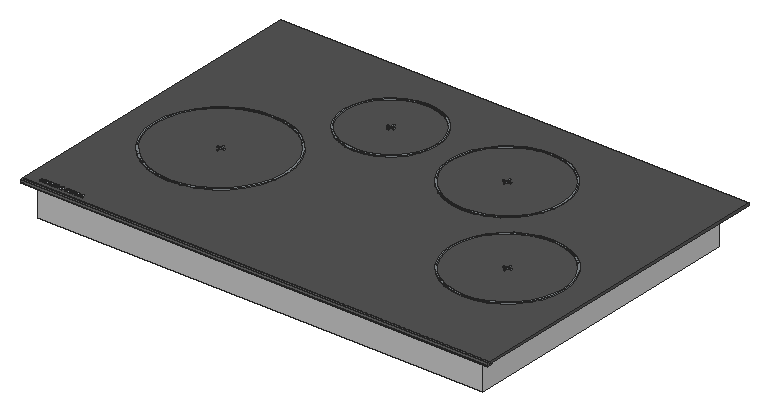
Revit family "FP_Revit_18_CI764DTB4_Cooktop_90000852A", category Specialty Equipment, Revit 2018
Family settings
  Round Connector Dimension = Use Diameter
  Part Type = Normal
  OmniClass Number = 23.40.40.14.17.11
  OmniClass Title = Cookers, Ovens, Stoves
  Work Plane-Based = No
  Always vertical = Yes
  Cut with Voids When Loaded = Yes
  Shared = No
  Room Calculation Point = No
Parameters
  Visibility - Clearance Required = yes
  URL = "www.fisherpaykel.com"
  Product - Width = 759 mm  # constant formula
  Product - Height = 54 mm  # constant formula
  Product - Depth = 530 mm  # constant formula
  Model = "CI764DTB4"
  Material - Trim = Fisher & Paykel - Aluminium, Dark
  Material - Graphics = Fisher & Paykel - Graphics Grey
  Material - Cooktop = Fisher & Paykel - Glass, Black
  Material - Body = Fisher & Paykel - Grey
  Manufacturer = "Fisher & Paykel Appliances"
  FFL Offset [instance] = 900 mm
  Description = "76cm Induction Cooktop"
  Connector Note - Electrical = "220-240 V, 32 A, 50 Hz,"
  Clearance - Side Combustible = 30 mm  # constant formula
  Clearance - Rear Combustible = 30 mm  # constant formula
  Clearance - Overhead Rangehood = 650 mm  # constant formula
  Clearance - Below = 65 mm  # constant formula
  Chassis - Width = 722 mm  # constant formula
  Chassis - Height = 49 mm  # constant formula
  Chassis - Depth = 480 mm  # constant formula
  Cavity - Width = 725 mm  # constant formula
  Cavity - Height = 65 mm  # constant formula
  Cavity - Depth = 490 mm  # constant formula
Reference planes
  plane 1 "Datum": y = 0
  plane 2: z = 0
  plane 3 "Center (Left/Right)": x = 0
  plane 4 "Product LHS": x = -379.5
  plane 5 "Product RHS": x = 379.5
  plane 6 "Product - Depth": y = 530
  plane 7 "Cavity LHS": x = -362.5
  plane 8 "Cavity RHS": x = 362.5
  plane 9 "Cavity - Depth": y = 497.2
  plane 10 "Chassis Front": y = 13.2
  plane 11 "Chassis - Depth": y = 493.2
  plane 12 "Cavity - Front": y = 7.2
  plane 13 "Basepan": z = 851
  plane 14 "Benchtop": z = 900
  plane 15 "Glass": z = 905
Forms (mm)
  Extrusion 1, solid, material "Fisher & Paykel - Glass, Black" <- "Material - Cooktop"
    sketch origin (0, 0, 0) x (0, 1, 0) y (0, 0, 1)
      loop
        line (5.299, 905) -> (5.299, 901) -> (530, 901) -> (530, 905) -> (5.299, 905)
    from -379.5 to 379.5
  Extrusion 2, solid, material "Fisher & Paykel - Aluminium, Dark" <- "Material - Trim", detail levels fine
    sketch origin (0, 0, 0) x (0, 1, 0) y (0, 0, 1)
      loop
        line (5.299, 905) -> (0.539, 905) -> (0, 900.803) -> (0, 900) -> (8.39, 900) -> (8.39, 901) -> (5.299, 901) -> (5.299, 905)
    from -379.5 to 379.5
  Extrusion 3, solid, material "Fisher & Paykel - Clearance Required (Cutout)", visible <- "Visibility - Clearance Required", detail levels coarse
    sketch origin (0, 24.768, 0) x (1, 0, 0) y (0, 1, 0)
      loop
        line (-362.5, 472.432) -> (-362.5, -17.568) -> (362.5, -17.568) -> (362.5, 472.432) -> (-362.5, 472.432)
    from 835 to 900
  Extrusion 4, solid, material "Fisher & Paykel - Aluminium, Dark" <- "Material - Trim", detail levels coarse+medium
    sketch origin (0, 0, 0) x (0, 1, 0) y (0, 0, 1)
      loop
        line (5.299, 905) -> (0, 905) -> (0, 900) -> (5.299, 900) -> (5.299, 905)
    from -379.5 to 379.5
  Extrusion 5, solid, material "Fisher & Paykel - Clearance Required (Rangehood)", visible <- "Visibility - Clearance Required", detail levels coarse
    sketch origin (0, 0, 0) x (1, 0, 0) y (0, 1, 0)
      loop
        line (-392.5, 0) -> (392.5, 0) -> (392.5, 527.2) -> (-392.5, 527.2) -> (-392.5, 0)
    from 905 to 1555
  Extrusion 6, solid, material "Fisher & Paykel - Grey" <- "Material - Body"
    sketch origin (0, 0, 0) x (0, 1, 0) y (0, 0, 1)
      loop
        line (493.2, 851) -> (493.2, 900) -> (13.2, 900) -> (13.2, 851) -> (493.2, 851)
    from -361 to 361
  Extrusion 7, solid, material "Fisher & Paykel - Grey" <- "Material - Body"
    sketch origin (-151, 0, 0) x (1, 0, 0) y (0, 1, 0)
      loop
        line (-214.5, 520.2) -> (-214.5, 8.39) -> (516.5, 8.39) -> (516.5, 520.2) -> (-214.5, 520.2)
    from 900 to 901
  Extrusion 8, solid, material "Fisher & Paykel - Graphics Grey" <- "Material - Graphics", detail levels fine
    sketch origin (0, 0, 0) x (1, 0, 0) y (0, 1, 0)
      loop
        circle (106.166, 381.579) r 92
      loop
        circle (106.166, 381.579) r 89.798
      loop
        circle (246.329, 207.24) r 89.797
      loop
        circle (246.329, 207.24) r 92
      loop
        circle (-231.998, 222.219) r 107
      loop
        circle (-231.998, 222.219) r 104.798
      loop
        circle (-96.947, 399.202) r 75.5
      loop
        circle (-96.947, 399.202) r 73.299
      loop
        line (-95.963, 405.445) -> (-97.931, 405.445) -> (-97.931, 400.279) -> (-103.097, 400.279) -> (-103.097, 398.311) -> (-97.931, 398.311) -> (-97.931, 393.145) -> (-95.963, 393.145) -> (-95.963, 398.311) -> (-90.797, 398.311) -> (-90.797, 400.279) -> (-95.963, 400.279) -> (-95.963, 405.445)
      loop
        line (-230.862, 228.46) -> (-232.83, 228.46) -> (-232.83, 223.293) -> (-237.996, 223.293) -> (-237.996, 221.326) -> (-232.83, 221.326) -> (-232.83, 216.16) -> (-230.862, 216.16) -> (-230.862, 221.326) -> (-225.696, 221.326) -> (-225.696, 223.293) -> (-230.862, 223.293) -> (-230.862, 228.46)
      loop
        line (247.308, 213.28) -> (245.34, 213.28) -> (245.34, 208.114) -> (240.174, 208.114) -> (240.174, 206.146) -> (245.34, 206.146) -> (245.34, 200.98) -> (247.308, 200.98) -> (247.308, 206.146) -> (252.474, 206.146) -> (252.474, 208.114) -> (247.308, 208.114) -> (247.308, 213.28)
      loop
        line (107.238, 387.85) -> (105.27, 387.85) -> (105.27, 382.684) -> (100.104, 382.684) -> (100.104, 380.716) -> (105.27, 380.716) -> (105.27, 375.55) -> (107.238, 375.55) -> (107.238, 380.716) -> (112.404, 380.716) -> (112.404, 382.684) -> (107.238, 382.684) -> (107.238, 387.85)
    from 905 to 906
  Extrusion 9, solid, material "Fisher & Paykel - Grey" <- "Material - Body", detail levels fine
    sketch origin (0, 0, 0) x (1, 0, 0) y (0, 1, 0)
      loop
        circle (0, 473.2) r 5
    from 845 to 851
  Extrusion 10, void
    sketch origin (0, 24.768, 0) x (1, 0, 0) y (0, 1, 0)
      loop
        line (-362.5, 472.432) -> (-362.5, -17.568) -> (362.5, -17.568) -> (362.5, 472.432) -> (-362.5, 472.432)
    from 835 to 900
Text (mm)
  text "Due to ongoing product development, product details are subject to change without notice. \nPlease always refer to www.fisherpaykel.com for the most current product information. \n© Fisher & Paykel 2020" at (41.04, -102.478, 0), in view "Ref. Level (Plan)"
Dimensions and locks
  equal spacing: plane 4 "Product LHS", plane 3 "Center (Left/Right)", plane 5 "Product RHS"
  "Product - Width": plane 4 "Product LHS" to plane 5 "Product RHS"
  equal spacing: plane 7 "Cavity LHS", plane 3 "Center (Left/Right)", plane 8 "Cavity RHS"
  "Cavity - Width": plane 7 "Cavity LHS" to plane 8 "Cavity RHS"
  "Product - Depth": Extrusion 1 to plane 1 "Datum"
  equal spacing: Extrusion 6, plane 3 "Center (Left/Right)", Extrusion 6
  "Chassis - Width": Extrusion 6 to Extrusion 6
  equal spacing: Extrusion 7, plane 3 "Center (Left/Right)", Extrusion 7
  locked: plane 1 "Datum" to plane 10 "Chassis Front" at 13.2
  plane 10 "Chassis Front" to plane 12 "Cavity - Front" = 6 mm
  "Cavity - Depth": plane 9 "Cavity - Depth" to plane 12 "Cavity - Front"
  "Chassis - Depth": plane 11 "Chassis - Depth" to plane 10 "Chassis Front"
  locked: plane 15 "Glass" to plane 14 "Benchtop" at 5
  "Chassis - Height": plane 14 "Benchtop" to plane 13 "Basepan"
  "FFL Offset": plane 14 "Benchtop" to level
  "Clearance - Overhead Rangehood": Extrusion 5 to plane 15 "Glass"
  "Clearance - Below": Extrusion 3 to plane 14 "Benchtop"
  locked: plane 15 "Glass" to Extrusion 7 at 4
  locked: Extrusion 8 to plane 15 "Glass" at 1
  locked: Extrusion 9 to plane 14 "Benchtop" at 55
  locked: nested 1 to plane 15 "Glass" at 0.8
  "Clearance - Rear Combustible": Extrusion 5 to plane 9 "Cavity - Depth"
  "Clearance - Side Combustible": plane 8 "Cavity RHS" to Extrusion 5
  "Clearance - Side Combustible": Extrusion 5 to plane 7 "Cavity LHS"
  aligned and locked: level to plane 2
  aligned and locked: Extrusion 1 to plane 5 "Product RHS"
  aligned and locked: plane 4 "Product LHS" to Extrusion 1
  aligned and locked: Extrusion 2 to plane 5 "Product RHS"
  aligned and locked: plane 4 "Product LHS" to Extrusion 4
  aligned and locked: Extrusion 4 to plane 5 "Product RHS"
  aligned and locked: Extrusion 4 to Extrusion 1
  aligned and locked: Extrusion 1 to Extrusion 4  (x2)
  aligned and locked: plane 9 "Cavity - Depth" to Extrusion 3
  aligned and locked: plane 4 "Product LHS" to Extrusion 2
  aligned and locked: plane 11 "Chassis - Depth" to Extrusion 6
  aligned and locked: Extrusion 6 to Extrusion 7
  aligned and locked: Extrusion 9 to Extrusion 6
  aligned and locked: plane 14 "Benchtop" to Extrusion 3
  aligned and locked: Extrusion 5 to plane 15 "Glass"
  aligned and locked: Extrusion 3 to Extrusion 6
  aligned and locked: Extrusion 6 to plane 13 "Basepan"
  aligned and locked: Extrusion 1 sketch curve to plane 15 "Glass"
  aligned and locked: Extrusion 7 to Extrusion 1
  aligned and locked: Extrusion 8 to Extrusion 1
  aligned and locked: Extrusion 4 to Extrusion 2
  aligned and locked: Extrusion 2 to Extrusion 1
  aligned and locked: Extrusion 2 to Extrusion 3
  aligned and locked: Extrusion 1 to Extrusion 2
  aligned and locked: Extrusion 10 to Extrusion 3  (x2)
Automatic sketch dimensions
  Extrusion 1 sketch curve to plane 6 "Product - Depth" = 0 mm
  Extrusion 1 sketch curve to plane 12 "Cavity - Front" = 1.901 mm
  plane 14 "Benchtop" to Extrusion 1 sketch curve = 1 mm
  Extrusion 2 sketch curve to plane 1 "Datum" = 0 mm
  Extrusion 2 sketch curve to plane 15 "Glass" = 0 mm
  Extrusion 2 sketch curve to plane 14 "Benchtop" = 0 mm
  Extrusion 2 sketch curve to plane 1 "Datum" = 0.539 mm
  Extrusion 2 sketch curve to plane 12 "Cavity - Front" = 1.901 mm
  plane 12 "Cavity - Front" to Extrusion 2 sketch curve = 1.189 mm
  Extrusion 2 sketch curve to Extrusion 2 sketch curve = 0.803 mm
  plane 14 "Benchtop" to Extrusion 2 sketch curve = 1 mm
  Extrusion 3 sketch curve to plane 12 "Cavity - Front" = 0 mm
  plane 9 "Cavity - Depth" to Extrusion 3 sketch curve = 0 mm
  plane 7 "Cavity LHS" to Extrusion 3 sketch curve = 0 mm
  Extrusion 3 sketch curve to plane 8 "Cavity RHS" = 0 mm
  Extrusion 4 sketch curve to plane 1 "Datum" = 0 mm
  Extrusion 4 sketch curve to plane 14 "Benchtop" = 0 mm
  Extrusion 4 sketch curve to plane 15 "Glass" = 0 mm
  Extrusion 4 sketch curve to plane 12 "Cavity - Front" = 1.901 mm
  plane 1 "Datum" to Extrusion 5 sketch curve = 0 mm
  Extrusion 5 sketch curve to plane 6 "Product - Depth" = 2.8 mm
  plane 4 "Product LHS" to Extrusion 5 sketch curve = 13 mm
  Extrusion 5 sketch curve to plane 5 "Product RHS" = 13 mm
  Extrusion 6 sketch curve to plane 10 "Chassis Front" = 0 mm
  Extrusion 6 sketch curve to plane 11 "Chassis - Depth" = 0 mm
  Extrusion 6 sketch curve to plane 13 "Basepan" = 0 mm
  Extrusion 6 sketch curve to plane 14 "Benchtop" = 0 mm
  plane 12 "Cavity - Front" to Extrusion 7 sketch curve = 1.189 mm
  plane 7 "Cavity LHS" to Extrusion 7 sketch curve = 3 mm
  Extrusion 7 sketch curve to plane 8 "Cavity RHS" = 3 mm
  Extrusion 7 sketch curve to plane 6 "Product - Depth" = 9.8 mm
  Extrusion 8 sketch curve to Extrusion 8 sketch curve = 0 mm  (x16)
  Extrusion 8 sketch curve to plane 7 "Cavity LHS" = 124.504 mm
  Extrusion 8 sketch curve to Extrusion 8 sketch curve = 5.166 mm  (x16)
  Extrusion 8 sketch curve to Extrusion 8 sketch curve = 0.832 mm
  Extrusion 8 sketch curve to Extrusion 8 sketch curve = 1.968 mm  (x9)
  Extrusion 8 sketch curve to plane 3 "Center (Left/Right)" = 103.097 mm
  Extrusion 8 sketch curve to Extrusion 8 sketch curve = 0.984 mm  (x2)
  plane 3 "Center (Left/Right)" to Extrusion 8 sketch curve = 100.104 mm
  Extrusion 8 sketch curve to Extrusion 8 sketch curve = 0.897 mm
  plane 8 "Cavity RHS" to Extrusion 8 sketch curve = 122.326 mm
  Extrusion 8 sketch curve to Extrusion 8 sketch curve = 0.989 mm
  Extrusion 8 sketch curve to Extrusion 8 sketch curve = 0.979 mm
  plane 10 "Chassis Front" to Extrusion 8 sketch curve = 187.78 mm
  Extrusion 8 sketch curve to Extrusion 8 sketch curve = 1.094 mm
  plane 10 "Chassis Front" to Extrusion 8 sketch curve = 202.96 mm
  Extrusion 8 sketch curve to Extrusion 8 sketch curve = 0.893 mm
  Extrusion 8 sketch curve to Extrusion 8 sketch curve = 1.075 mm  (x2)
  Extrusion 8 sketch curve to plane 11 "Chassis - Depth" = 117.65 mm
  Extrusion 8 sketch curve to Extrusion 8 sketch curve = 0.863 mm
  Extrusion 8 sketch curve to Extrusion 8 sketch curve = 1.105 mm
  Extrusion 8 sketch curve to plane 11 "Chassis - Depth" = 100.055 mm
  Extrusion 8 sketch curve to Extrusion 8 sketch curve = 0.891 mm
  Extrusion 8 sketch curve to Extrusion 8 sketch curve = 1.077 mm  (x2)
  Extrusion 9 sketch curve to plane 3 "Center (Left/Right)" = 0 mm
  Extrusion 9 sketch curve to plane 11 "Chassis - Depth" = 20 mm
  Extrusion 10 sketch curve to plane 12 "Cavity - Front" = 0 mm
  plane 9 "Cavity - Depth" to Extrusion 10 sketch curve = 0 mm
  plane 7 "Cavity LHS" to Extrusion 10 sketch curve = 0 mm
  Extrusion 10 sketch curve to plane 8 "Cavity RHS" = 0 mm
  radius of Extrusion 8 sketch curve = 92 mm  (x2)
  radius of Extrusion 8 sketch curve = 89.798 mm
  radius of Extrusion 8 sketch curve = 89.797 mm
  radius of Extrusion 8 sketch curve = 107 mm
  radius of Extrusion 8 sketch curve = 104.798 mm
  radius of Extrusion 8 sketch curve = 75.5 mm
  radius of Extrusion 8 sketch curve = 73.299 mm
  radius of Extrusion 9 sketch curve = 5 mm
Nested families
  nested 1: "F&P Logo 70mm Horizontal" at (-324.001, 14.253, 905), type "F&P Logo 70mm Horizontal"
Connectors
  electrical at (0, 473.2, 845), driven by "Connector Note - Electrical"
    settings: on Extrusion 9, index 1, voltage 230 V, apparent load 0 VA, apparent load phase1 0 VA, apparent load phase2 0 VA, apparent load phase3 0 VA, power factor 1, load classification "Other", number of poles 1, system type 30, power factor state 1, is connector primary yes, connector utility no, sub classification motor no, connector description "220-240 V, 32 A, 50 Hz,"
Definition of nested family "F&P Logo 70mm Horizontal"
  Parameters (values of type "F&P Logo 70mm Horizontal")
    URL = "www.fisherpaykel.com"
    Material - Logo = none
    Manufacturer = "Fisher & Paykel Appliances"
  Reference planes
    plane 1 "Center (Front/Back)": y = 0
    plane 2: z = 0
    plane 3 "Center (Left/Right)": x = 0
  Forms (mm)
    Extrusion 1, solid, material <- "Material - Logo", detail levels fine
      sketch origin (0, 0, 0) x (1, 0, 0) y (0, 1, 0)
        loop
          line (-34.997, -0.356) -> (-33.895, -0.356) -> (-33.895, 1.141) -> (-32.174, 1.141) -> (-32.174, 2.075) -> (-33.895, 2.075) -> (-33.895, 2.943) -> (-32.023, 2.943) -> (-32.023, 3.872) -> (-34.997, 3.872) -> (-34.997, -0.356)
        loop
          line (-29.929, 3.872) -> (-29.929, -0.356) -> (-28.828, -0.356) -> (-28.828, 3.872) -> (-29.929, 3.872)
        loop
          line (-21.473, 3.872) -> (-21.473, -0.356) -> (-20.372, -0.356) -> (-20.372, 1.338) -> (-18.754, 1.338) -> (-18.754, -0.356) -> (-17.652, -0.356) -> (-17.652, 3.872) -> (-18.754, 3.872) -> (-18.754, 2.268) -> (-20.372, 2.268) -> (-20.372, 3.872) -> (-21.473, 3.872)
        loop
          line (-15.301, 3.872) -> (-15.301, -0.356) -> (-12.288, -0.356) -> (-12.288, 0.444) -> (-14.209, 0.444) -> (-14.209, 1.338) -> (-12.453, 1.338) -> (-12.453, 2.268) -> (-14.209, 2.268) -> (-14.209, 3.072) -> (-12.288, 3.072) -> (-12.288, 3.872) -> (-15.301, 3.872)
        loop
          line (32, 3.872) -> (32, -0.356) -> (35.003, -0.356) -> (35.003, 0.574) -> (33.102, 0.574) -> (33.102, 3.872) -> (32, 3.872)
        loop
          line (29.735, 3.872) -> (26.712, 3.872) -> (26.712, -0.356) -> (29.735, -0.356) -> (29.735, 0.444) -> (27.814, 0.444) -> (27.814, 1.338) -> (29.57, 1.338) -> (29.57, 2.268) -> (27.814, 2.268) -> (27.814, 3.072) -> (29.735, 3.072) -> (29.735, 3.872)
        loop
          line (23.449, 1.848) -> (25.012, 3.872) -> (23.724, 3.872) -> (22.374, 2.124) -> (22.374, 3.872) -> (21.273, 3.872) -> (21.273, -0.356) -> (22.374, -0.356) -> (22.374, 1.538) -> (23.765, -0.356) -> (25.067, -0.356) -> (23.449, 1.848)
        loop
          line (15.42, 3.872) -> (17.017, 1.338) -> (17.017, -0.356) -> (18.119, -0.356) -> (18.119, 1.283) -> (19.717, 3.872) -> (18.546, 3.872) -> (17.603, 2.239) -> (16.66, 3.872) -> (15.42, 3.872)
        loop
          line (12.969, 3.872) -> (11.922, 3.872) -> (10.2, -0.356) -> (11.282, -0.356) -> (11.585, 0.422) -> (13.278, 0.422) -> (13.581, -0.356) -> (14.69, -0.356) -> (12.969, 3.872)
        loop
          line (12.913, 1.352) -> (12.419, 2.566) -> (11.946, 1.352) -> (12.913, 1.352)
        loop
          line (5.556, 3.872) -> (5.556, -0.356) -> (6.653, -0.356) -> (6.653, 1.001) -> (7.453, 1.001)
          spline (7.453, 1.001) -> (7.884, 1.05) -> (8.285, 1.193) -> (8.63, 1.421) -> (8.895, 1.719) -> (9.061, 2.065) -> (9.118, 2.436) -> (9.061, 2.808) -> (8.895, 3.154) -> (8.63, 3.452) -> (8.285, 3.68) -> (7.884, 3.823) -> (7.453, 3.872)
          line (7.453, 3.872) -> (5.556, 3.872)
        loop
          spline (7.385, 1.882) -> (7.558, 1.9) -> (7.72, 1.953) -> (7.858, 2.037) -> (7.965, 2.147) -> (8.032, 2.275) -> (8.055, 2.412) -> (8.032, 2.55) -> (7.965, 2.677) -> (7.858, 2.787) -> (7.72, 2.872) -> (7.558, 2.924) -> (7.385, 2.943)
          line (7.385, 2.943) -> (6.585, 2.943) -> (6.585, 1.882) -> (7.385, 1.882)
        loop
          line (-8.294, 2.943) -> (-9.094, 2.943) -> (-9.094, 1.781) -> (-8.294, 1.781)
          spline (-8.294, 1.781) -> (-8.121, 1.801) -> (-7.96, 1.859) -> (-7.822, 1.951) -> (-7.716, 2.072) -> (-7.649, 2.212) -> (-7.626, 2.362) -> (-7.649, 2.512) -> (-7.716, 2.652) -> (-7.822, 2.772) -> (-7.96, 2.865) -> (-8.121, 2.923) -> (-8.294, 2.943)
        loop
          line (-8.214, 3.872) -> (-10.262, 3.872) -> (-10.262, -0.356) -> (-9.094, -0.356) -> (-9.094, 0.492) -> (-8.294, 0.492) -> (-7.647, -0.356) -> (-6.373, -0.356) -> (-7.445, 1.016)
          spline (-7.445, 1.016) -> (-7.148, 1.205) -> (-6.902, 1.45) -> (-6.72, 1.739) -> (-6.611, 2.058) -> (-6.58, 2.391) -> (-6.628, 2.723) -> (-6.754, 3.037) -> (-6.95, 3.317) -> (-7.208, 3.551) -> (-7.515, 3.726) -> (-7.856, 3.835) -> (-8.214, 3.872)
        loop
          line (0.368, 2.943) -> (0.368, 3.951) -> (-2.559, 3.951) -> (-2.559, 3.151) -> (-2.048, 2.522)
          spline (-2.048, 2.522) -> (-2.373, 2.187) -> (-2.606, 1.789) -> (-2.731, 1.355) -> (-2.74, 0.914) -> (-2.632, 0.497) -> (-2.414, 0.133) -> (-2.102, -0.155) -> (-1.716, -0.347) -> (-1.283, -0.429) -> (-0.832, -0.395) -> (-0.395, -0.249) -> (0, 0)
          line (0, 0) -> (0.504, -0.621) -> (1.644, -0.621) -> (0.602, 0.712) -> (1.591, 2.137) -> (0.459, 2.137) -> (0.003, 1.48) -> (-1.14, 2.943) -> (0.368, 2.943)
        loop
          spline (-1.353, 1.874) -> (-1.563, 1.673) -> (-1.729, 1.449) -> (-1.839, 1.217) -> (-1.886, 0.992) -> (-1.867, 0.792) -> (-1.783, 0.627) -> (-1.639, 0.511) -> (-1.447, 0.451) -> (-1.218, 0.451) -> (-0.968, 0.512) -> (-0.714, 0.628) -> (-0.475, 0.792)
          line (-0.475, 0.792) -> (-1.353, 1.874)
        loop
          arc (-25.449, 3.004) -> (-24.591, 2.949) -> (-23.808, 2.592) r 2.379
          line (-23.808, 2.592) -> (-23.808, 3.586)
          arc (-23.808, 3.586) -> (-24.619, 3.915) -> (-25.494, 3.936) r 2.437
          arc (-25.494, 3.936) -> (-26.617, 2.99) -> (-26.18, 1.588) r 1.327
          arc (-26.18, 1.588) -> (-25.746, 1.367) -> (-25.276, 1.236) r 2.46
          spline (-25.276, 1.236) -> (-25.124, 1.211) -> (-24.98, 1.158) -> (-24.856, 1.083) -> (-24.761, 0.989) -> (-24.703, 0.886) -> (-24.686, 0.78) -> (-24.713, 0.681) -> (-24.78, 0.596) -> (-24.882, 0.532) -> (-25.011, 0.494) -> (-25.158, 0.485) -> (-25.311, 0.505)
          arc (-25.311, 0.505) -> (-26.045, 0.647) -> (-26.714, 0.98) r 2.761
          line (-26.714, 0.98) -> (-26.714, -0.067)
          arc (-26.714, -0.067) -> (-25.66, -0.377) -> (-24.564, -0.318) r 3.237
          arc (-24.564, -0.318) -> (-23.597, 0.72) -> (-24.205, 2.002) r 1.263
          arc (-24.205, 2.002) -> (-24.834, 2.249) -> (-25.488, 2.42) r 5.78
          spline (-25.488, 2.42) -> (-25.537, 2.449) -> (-25.58, 2.49) -> (-25.615, 2.541) -> (-25.639, 2.6) -> (-25.653, 2.664) -> (-25.654, 2.73) -> (-25.644, 2.795) -> (-25.622, 2.856) -> (-25.59, 2.909) -> (-25.549, 2.953) -> (-25.502, 2.985) -> (-25.449, 3.004)
      from 0 to 0.8
  Dimensions and locks
    Extrusion 1 sketch curve to Extrusion 1 sketch curve = 70 mm
    aligned and locked: level to plane 2
